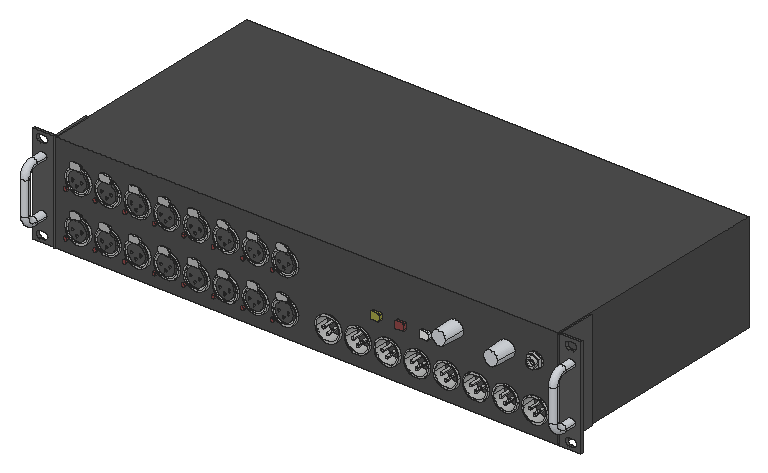
Revit family "DL16", category Communication Devices, Revit 2020
Family settings
  Maintain Annotation Orientation = No
  Round Connector Dimension = Use Diameter
  Part Type = Normal
  Work Plane-Based = Yes
  Always vertical = No
  Cut with Voids When Loaded = Yes
  Shared = No
  Room Calculation Point = No
Parameters
  Model = "DL16"
  Manufacturer = "Midas"
  Default Elevation = 0 mm
Reference planes
  plane 1 "Center (Front/Back)": y = 0
  plane 2: z = 0
  plane 3 "Center (Left/Right)": x = 0
  plane 4 "Handle": x = -232.995
  plane 5 "Front Connectors": y = -2
  plane 6 "Rear Connectors": y = 208
Forms (mm)
  Extrusion 1, solid, material "Aluminium, Black"
    sketch origin (0, 0, 0) x (1, 0, 0) y (0, 1, 0)
      loop
        arc (-223.2, -2) -> (-221.644, -1.356) -> (-221, 0.2) r 2.2
        line (-221, 0.2) -> (-221, 33) -> (-223, 33) -> (-223, 0) -> (-241.25, 0) -> (-241.25, -2) -> (-223.2, -2)
    from 0 to 88.1
  Extrusion 2, void
    sketch origin (0, 0, 0) x (1, 0, 0) y (0, 0, 1)
      loop
        arc (-231.5, 2.415) -> (-227.99, 5.925) -> (-231.5, 9.435) r 3.51
        line (-231.5, 9.435) -> (-234.49, 9.435)
        arc (-234.49, 9.435) -> (-238, 5.925) -> (-234.49, 2.415) r 3.51
        line (-234.49, 2.415) -> (-231.5, 2.415)
    from 0 to 2
  Extrusion 3, void
    sketch origin (0, 0, 76.23) x (1, 0, 0) y (0, 0, 1)
      loop
        arc (-231.5, 2.415) -> (-227.99, 5.925) -> (-231.5, 9.435) r 3.51
        line (-231.5, 9.435) -> (-234.49, 9.435)
        arc (-234.49, 9.435) -> (-238, 5.925) -> (-234.49, 2.415) r 3.51
        line (-234.49, 2.415) -> (-231.5, 2.415)
    from 0 to 2
  Sweep 4, solid
    path origin (-232.995, 0, 0) x (0, -1, 0) y (0, 0, 1)
      loop
        line (2, 21.8) -> (12.41, 21.8)
        arc (12.41, 21.8) -> (18.774, 24.436) -> (21.41, 30.8) r 9
        line (21.41, 30.8) -> (21.41, 59.55)
        arc (21.41, 59.55) -> (18.774, 65.914) -> (12.41, 68.55) r 9
        line (12.41, 68.55) -> (2, 68.55)
    profile origin (-232.995, -7.205, 21.8) x (0, 0, 1) y (-1, 0, 0)
      loop
        circle (0, 0) r 3.25
  Extrusion 5, solid, material "Steel, Paint Finish, Black"
    sketch origin (-0.572, 0, 0) x (1, 0, 0) y (0, 0, 1)
      loop
        line (-220.428, 88.1) -> (-220.428, 0) -> (221.572, 0) -> (221.572, 88.1) -> (-220.428, 88.1)
    from 2 to -208
  Extrusion 6, solid, material "LED, Yellow, Off"
    sketch origin (-146.365, -2, -40.587) x (-1, 0, 0) y (0, 0, 1)
      loop
        line (-205.725, 90.473) -> (-210.832, 90.473)
        arc (-210.832, 90.473) -> (-211.822, 90.063) -> (-212.232, 89.073) r 1.4
        line (-212.232, 89.073) -> (-212.232, 85.529)
        arc (-212.232, 85.529) -> (-211.827, 84.552) -> (-210.85, 84.147) r 1.382
        line (-210.85, 84.147) -> (-205.725, 84.147)
        arc (-205.725, 84.147) -> (-204.735, 84.557) -> (-204.325, 85.547) r 1.4
        line (-204.325, 85.547) -> (-204.325, 89.073)
        arc (-204.325, 89.073) -> (-204.735, 90.063) -> (-205.725, 90.473) r 1.4
    from 0 to -2.5
  Extrusion 7, void
    sketch origin (2.22, -2, -45.078) x (-1, 0, 0) y (0, 0, 1)
      loop
        circle (203.2, 105.431) r 11.2
    from 0 to 16
  Extrusion 8, void
    sketch origin (2.22, -2, -84.131) x (-1, 0, 0) y (0, 0, 1)
      loop
        circle (203.2, 105.431) r 11.2
    from 0 to 16
  Extrusion 9, void
    sketch origin (28.255, -2, -45.078) x (-1, 0, 0) y (0, 0, 1)
      loop
        circle (203.2, 105.431) r 11.2
    from 0 to 16
  Extrusion 10, void
    sketch origin (54.29, -2, -45.078) x (-1, 0, 0) y (0, 0, 1)
      loop
        circle (203.2, 105.431) r 11.2
    from 0 to 16
  Extrusion 11, void
    sketch origin (80.325, -2, -45.078) x (-1, 0, 0) y (0, 0, 1)
      loop
        circle (203.2, 105.431) r 11.2
    from 0 to 16
  Extrusion 12, void
    sketch origin (106.36, -2, -45.078) x (-1, 0, 0) y (0, 0, 1)
      loop
        circle (203.2, 105.431) r 11.2
    from 0 to 16
  Extrusion 13, void
    sketch origin (132.395, -2, -45.078) x (-1, 0, 0) y (0, 0, 1)
      loop
        circle (203.2, 105.431) r 11.2
    from 0 to 16
  Extrusion 14, void
    sketch origin (158.43, -2, -45.078) x (-1, 0, 0) y (0, 0, 1)
      loop
        circle (203.2, 105.431) r 11.2
    from 0 to 16
  Extrusion 15, void
    sketch origin (184.465, -2, -45.078) x (-1, 0, 0) y (0, 0, 1)
      loop
        circle (203.2, 105.431) r 11.2
    from 0 to 16
  Extrusion 16, void
    sketch origin (28.255, -2, -84.131) x (-1, 0, 0) y (0, 0, 1)
      loop
        circle (203.2, 105.431) r 11.2
    from 0 to 16
  Extrusion 17, void
    sketch origin (54.29, -2, -84.131) x (-1, 0, 0) y (0, 0, 1)
      loop
        circle (203.2, 105.431) r 11.2
    from 0 to 16
  Extrusion 18, void
    sketch origin (80.325, -2, -84.131) x (-1, 0, 0) y (0, 0, 1)
      loop
        circle (203.2, 105.431) r 11.2
    from 0 to 16
  Extrusion 19, void
    sketch origin (106.36, -2, -84.131) x (-1, 0, 0) y (0, 0, 1)
      loop
        circle (203.2, 105.431) r 11.2
    from 0 to 16
  Extrusion 20, void
    sketch origin (132.395, -2, -84.131) x (-1, 0, 0) y (0, 0, 1)
      loop
        circle (203.2, 105.431) r 11.2
    from 0 to 16
  Extrusion 21, void
    sketch origin (158.43, -2, -84.131) x (-1, 0, 0) y (0, 0, 1)
      loop
        circle (203.2, 105.431) r 11.2
    from 0 to 16
  Extrusion 22, void
    sketch origin (184.465, -2, -84.131) x (-1, 0, 0) y (0, 0, 1)
      loop
        circle (203.2, 105.431) r 11.2
    from 0 to 16
  Extrusion 23, void
    sketch origin (222.57, -2, -84.131) x (-1, 0, 0) y (0, 0, 1)
      loop
        circle (203.2, 105.431) r 11.2
    from 0 to 16
  Extrusion 24, void
    sketch origin (248.605, -2, -84.131) x (-1, 0, 0) y (0, 0, 1)
      loop
        circle (203.2, 105.431) r 11.2
    from 0 to 16
  Extrusion 25, void
    sketch origin (274.64, -2, -84.131) x (-1, 0, 0) y (0, 0, 1)
      loop
        circle (203.2, 105.431) r 11.2
    from 0 to 16
  Extrusion 26, void
    sketch origin (300.675, -2, -84.131) x (-1, 0, 0) y (0, 0, 1)
      loop
        circle (203.2, 105.431) r 11.2
    from 0 to 16
  Extrusion 27, void
    sketch origin (326.71, -2, -84.131) x (-1, 0, 0) y (0, 0, 1)
      loop
        circle (203.2, 105.431) r 11.2
    from 0 to 16
  Extrusion 28, void
    sketch origin (352.745, -2, -84.131) x (-1, 0, 0) y (0, 0, 1)
      loop
        circle (203.2, 105.431) r 11.2
    from 0 to 16
  Extrusion 29, void
    sketch origin (378.78, -2, -84.131) x (-1, 0, 0) y (0, 0, 1)
      loop
        circle (203.2, 105.431) r 11.2
    from 0 to 16
  Extrusion 30, void
    sketch origin (404.815, -2, -84.131) x (-1, 0, 0) y (0, 0, 1)
      loop
        circle (203.2, 105.431) r 11.2
    from 0 to 16
  Extrusion 31, void
    sketch origin (0, 208, 26.58) x (1, 0, 0) y (0, 0, 1)
      loop
        line (200.78, 50.05) -> (177.78, 50.05)
        arc (177.78, 50.05) -> (176.012, 49.318) -> (175.28, 47.55) r 2.5
        line (175.28, 47.55) -> (175.28, 32.01)
        arc (175.28, 32.01) -> (176.012, 30.242) -> (177.78, 29.51) r 2.5
        line (177.78, 29.51) -> (200.807, 29.51)
        arc (200.807, 29.51) -> (202.556, 30.234) -> (203.28, 31.983) r 2.473
        line (203.28, 31.983) -> (203.28, 47.55)
        arc (203.28, 47.55) -> (202.548, 49.318) -> (200.78, 50.05) r 2.5
    from 0 to 20
  Extrusion 32, void
    sketch origin (136.203, 208, -4.1) x (1, 0, 0) y (0, 0, 1)
      loop
        circle (38.1, 25.4) r 11.2
    from 0 to 16
  Extrusion 33, void
    sketch origin (108.263, 208, -4.1) x (1, 0, 0) y (0, 0, 1)
      loop
        circle (38.1, 25.4) r 11.2
    from 0 to 16
  Extrusion 34, void
    sketch origin (74.608, 208, -4.1) x (1, 0, 0) y (0, 0, 1)
      loop
        circle (38.1, 25.4) r 11.2
    from 0 to 16
  Extrusion 35, solid, material "Aluminium, Black"
    sketch origin (0, 0, 0) x (-1, 0, 0) y (0, -1, 0)
      loop
        line (-223.2, 2) -> (-241.25, 2) -> (-241.25, 0) -> (-223, 0) -> (-223, -33) -> (-221, -33) -> (-221, -0.2)
        arc (-221, -0.2) -> (-221.644, 1.356) -> (-223.2, 2) r 2.2
    from 0 to 88.1
  Extrusion 36, void
    sketch origin (0, 0, 0) x (-1, 0, 0) y (0, 0, -1)
      loop
        line (-231.5, -2.415) -> (-234.49, -2.415)
        arc (-234.49, -2.415) -> (-238, -5.925) -> (-234.49, -9.435) r 3.51
        line (-234.49, -9.435) -> (-231.5, -9.435)
        arc (-231.5, -9.435) -> (-227.99, -5.925) -> (-231.5, -2.415) r 3.51
    from 0 to 2
  Extrusion 37, void
    sketch origin (0, 0, 76.23) x (-1, 0, 0) y (0, 0, -1)
      loop
        line (-231.5, -2.415) -> (-234.49, -2.415)
        arc (-234.49, -2.415) -> (-238, -5.925) -> (-234.49, -9.435) r 3.51
        line (-234.49, -9.435) -> (-231.5, -9.435)
        arc (-231.5, -9.435) -> (-227.99, -5.925) -> (-231.5, -2.415) r 3.51
    from 0 to 2
  Sweep 38, solid
    path origin (232.995, 0, 0) x (0, -1, 0) y (0, 0, -1)
      loop
        line (2, -21.8) -> (12.41, -21.8)
        arc (12.41, -21.8) -> (18.774, -24.436) -> (21.41, -30.8) r 9
        line (21.41, -30.8) -> (21.41, -59.55)
        arc (21.41, -59.55) -> (18.774, -65.914) -> (12.41, -68.55) r 9
        line (12.41, -68.55) -> (2, -68.55)
    profile origin (232.995, -7.205, 21.8) x (0, 0, -1) y (1, 0, 0)
      loop
        circle (0, 0) r 3.25
  Extrusion 39, solid, material "LED, Red, Off"
    sketch origin (-124.775, -2, -40.587) x (-1, 0, 0) y (0, 0, 1)
      loop
        line (-205.725, 90.473) -> (-210.832, 90.473)
        arc (-210.832, 90.473) -> (-211.822, 90.063) -> (-212.232, 89.073) r 1.4
        line (-212.232, 89.073) -> (-212.232, 85.529)
        arc (-212.232, 85.529) -> (-211.827, 84.552) -> (-210.85, 84.147) r 1.382
        line (-210.85, 84.147) -> (-205.725, 84.147)
        arc (-205.725, 84.147) -> (-204.735, 84.557) -> (-204.325, 85.547) r 1.4
        line (-204.325, 85.547) -> (-204.325, 89.073)
        arc (-204.325, 89.073) -> (-204.735, 90.063) -> (-205.725, 90.473) r 1.4
    from 0 to -2.5
  Extrusion 40, solid, material "LED, White, Off"
    sketch origin (-103.185, -2, -40.587) x (-1, 0, 0) y (0, 0, 1)
      loop
        line (-205.725, 90.473) -> (-210.832, 90.473)
        arc (-210.832, 90.473) -> (-211.822, 90.063) -> (-212.232, 89.073) r 1.4
        line (-212.232, 89.073) -> (-212.232, 85.529)
        arc (-212.232, 85.529) -> (-211.827, 84.552) -> (-210.85, 84.147) r 1.382
        line (-210.85, 84.147) -> (-205.725, 84.147)
        arc (-205.725, 84.147) -> (-204.735, 84.557) -> (-204.325, 85.547) r 1.4
        line (-204.325, 85.547) -> (-204.325, 89.073)
        arc (-204.325, 89.073) -> (-204.735, 90.063) -> (-205.725, 90.473) r 1.4
    from 0 to -2.5
  Blend 41, solid
    base sketch origin (0, -2, 0) x (-1, 0, 0) y (0, 0, 1)
      loop
        circle (-130.495, 60.353) r 6.99
    top sketch origin (0, -2, 0) x (-1, 0, 0) y (0, 0, 1)
      loop
        circle (-130.495, 60.353) r 6.008
    from 0 to -17.7
  Blend 42, solid
    base sketch origin (45.72, -2, 0) x (-1, 0, 0) y (0, 0, 1)
      loop
        circle (-130.495, 60.353) r 6.99
    top sketch origin (45.72, -2, 0) x (-1, 0, 0) y (0, 0, 1)
      loop
        circle (-130.495, 60.353) r 6.008
    from 0 to -17.7
Cuts and joins
  Extrusion 2, Extrusion 3, Extrusion 36, Extrusion 37 cuts Extrusion 1
  Extrusion 7, Extrusion 8, Extrusion 9, Extrusion 10, Extrusion 11, Extrusion 12, Extrusion 13, Extrusion 14, Extrusion 15, Extrusion 16, Extrusion 17, Extrusion 18, Extrusion 19, Extrusion 20, Extrusion 21, Extrusion 22, Extrusion 23, Extrusion 24, Extrusion 25, Extrusion 26, Extrusion 27, Extrusion 28, Extrusion 29, Extrusion 30, Extrusion 31, Extrusion 32, Extrusion 33, Extrusion 34 cuts Extrusion 5
  Extrusion 36, Extrusion 37 cuts Extrusion 35
Lines and regions (mm)
  Split face 1
    outline origin (-221.572, -2, 88.1) x (-1, 0, 0) y (0, 0, -1)
      loop
        line (-279.587, 9.955) -> (-279.587, 29.037) -> (-330.587, 29.037) -> (-330.587, 9.955) -> (-279.587, 9.955)
  Split face 2
    outline origin (-221.572, -2, 88.1) x (-1, 0, 0) y (0, 0, -1)
      loop
        arc (-373.077, 11.447) -> (-372.229, 11.799) -> (-371.877, 12.647) r 1.2
        line (-371.877, 12.647) -> (-371.877, 42.847)
        arc (-371.877, 42.847) -> (-372.229, 43.696) -> (-373.077, 44.047) r 1.2
        line (-373.077, 44.047) -> (-376.777, 44.047)
        arc (-376.777, 44.047) -> (-377.626, 43.696) -> (-377.977, 42.847) r 1.2
        line (-377.977, 42.847) -> (-377.977, 12.647)
        arc (-377.977, 12.647) -> (-377.626, 11.799) -> (-376.777, 11.447) r 1.2
        line (-376.777, 11.447) -> (-373.077, 11.447)
  Split face 3
    outline origin (-221.572, -2, 88.1) x (-1, 0, 0) y (0, 0, -1)
      loop
        line (-373.42, 14.23) -> (-373.42, 15.23) -> (-376.434, 15.23) -> (-376.434, 14.23) -> (-373.42, 14.23)
  Split face 4
    outline origin (-221.572, -2, 88.1) x (-1, 0, 0) y (0, 0, -1)
      loop
        line (-373.42, 20.325) -> (-376.434, 20.325) -> (-376.434, 19.325) -> (-373.42, 19.325) -> (-373.42, 20.325)
  Split face 5
    outline origin (-221.572, -2, 88.1) x (-1, 0, 0) y (0, 0, -1)
      loop
        line (-373.42, 23.485) -> (-376.434, 23.485) -> (-376.434, 22.485) -> (-373.42, 22.485) -> (-373.42, 23.485)
  Split face 6
    outline origin (-221.572, -2, 88.1) x (-1, 0, 0) y (0, 0, -1)
      loop
        line (-373.42, 25.66) -> (-373.42, 26.66) -> (-376.434, 26.66) -> (-376.434, 25.66) -> (-373.42, 25.66)
  Split face 7
    outline origin (-221.572, -2, 88.1) x (-1, 0, 0) y (0, 0, -1)
      loop
        line (-373.42, 29.835) -> (-376.434, 29.835) -> (-376.434, 28.835) -> (-373.42, 28.835) -> (-373.42, 29.835)
  Split face 8
    outline origin (-221.572, -2, 88.1) x (-1, 0, 0) y (0, 0, -1)
      loop
        line (-373.42, 32.01) -> (-373.42, 33.01) -> (-376.434, 33.01) -> (-376.434, 32.01) -> (-373.42, 32.01)
  Split face 9
    outline origin (-221.572, -2, 88.1) x (-1, 0, 0) y (0, 0, -1)
      loop
        line (-373.42, 35.187) -> (-373.42, 36.187) -> (-376.434, 36.187) -> (-376.434, 35.187) -> (-373.42, 35.187)
  Split face 10
    outline origin (-221.572, -2, 88.1) x (-1, 0, 0) y (0, 0, -1)
      loop
        line (-373.42, 40.258) -> (-373.42, 41.265) -> (-376.434, 41.265) -> (-376.434, 40.258) -> (-373.42, 40.258)
  Split face 11
    outline origin (-221.572, 208, 88.1) x (1, 0, 0) y (0, 0, -1)
      loop
        line (388.03, 25.637) -> (388.03, 42.137) -> (377.53, 42.137) -> (377.53, 25.637) -> (388.03, 25.637)
  Split face 12
    outline origin (-221.572, 208, 88.1) x (1, 0, 0) y (0, 0, -1)
      loop
        line (375.18, 23.187) -> (390.528, 23.187) -> (390.528, 44.457) -> (375.18, 44.457) -> (375.18, 23.187)
  Split face 13
    outline origin (-221.572, 208, 88.1) x (1, 0, 0) y (0, 0, -1)
      loop
        line (306.16, 77.55) -> (296.36, 77.55) -> (296.36, 68.95) -> (306.16, 68.95) -> (306.16, 77.55)
  Split face 14
    outline origin (-221.572, 208, 88.1) x (1, 0, 0) y (0, 0, -1)
      loop
        line (288.409, 77.55) -> (278.566, 77.55) -> (278.566, 68.95) -> (288.409, 68.95) -> (288.409, 77.55)
  Split face 15
    outline origin (-221.572, 208, 88.1) x (1, 0, 0) y (0, 0, -1)
      loop
        arc (260.7, 63.408) -> (259.35, 74.95) -> (258, 63.408) r 5.85
        line (258, 63.408) -> (258, 65.1) -> (260.7, 65.1) -> (260.7, 63.408)
  Split face 16
    outline origin (-221.572, 208, 88.1) x (1, 0, 0) y (0, 0, -1)
      loop
        arc (235.3, 63.408) -> (233.95, 74.95) -> (232.6, 63.408) r 5.85
        line (232.6, 63.408) -> (232.6, 65.1) -> (235.3, 65.1) -> (235.3, 63.408)
  Split face 17
    outline origin (-221.572, 208, 88.1) x (1, 0, 0) y (0, 0, -1)
      loop
        circle (259.35, 69.1) r 6.8
  Split face 18
    outline origin (-221.572, 208, 88.1) x (1, 0, 0) y (0, 0, -1)
      loop
        circle (233.95, 69.1) r 6.8
  model lines
    curve 1: line (59.394, -2, 50.853) -> (64.431, -2, 50.853)
    curve 2: line (56.994, -2, 44.998) -> (56.994, -2, 48.453)
    curve 3: line (64.436, -2, 42.598) -> (59.394, -2, 42.598)
    curve 4: line (66.836, -2, 48.448) -> (66.836, -2, 44.998)
    curve 5: arc (64.431, -2, 50.853) -> (66.132, -2, 50.148) -> (66.836, -2, 48.448) r 2.405
    curve 6: arc (66.836, -2, 44.998) -> (66.133, -2, 43.301) -> (64.436, -2, 42.598) r 2.4
    curve 7: arc (59.394, -2, 42.598) -> (57.697, -2, 43.301) -> (56.994, -2, 44.998) r 2.4
    curve 8: arc (56.994, -2, 48.453) -> (57.697, -2, 50.15) -> (59.394, -2, 50.853) r 2.4
    curve 9: line (80.984, -2, 50.853) -> (86.021, -2, 50.853)
    curve 10: line (78.584, -2, 44.998) -> (78.584, -2, 48.453)
    curve 11: line (86.026, -2, 42.598) -> (80.984, -2, 42.598)
    curve 12: line (88.426, -2, 48.448) -> (88.426, -2, 44.998)
    curve 13: arc (86.021, -2, 50.853) -> (87.722, -2, 50.148) -> (88.426, -2, 48.448) r 2.405
    curve 14: arc (88.426, -2, 44.998) -> (87.723, -2, 43.301) -> (86.026, -2, 42.598) r 2.4
    curve 15: arc (80.984, -2, 42.598) -> (79.287, -2, 43.301) -> (78.584, -2, 44.998) r 2.4
    curve 16: arc (78.584, -2, 48.453) -> (79.287, -2, 50.15) -> (80.984, -2, 50.853) r 2.4
    curve 17: line (102.574, -2, 50.853) -> (107.611, -2, 50.853)
    curve 18: line (100.174, -2, 44.998) -> (100.174, -2, 48.453)
    curve 19: line (107.616, -2, 42.598) -> (102.574, -2, 42.598)
    curve 20: line (110.016, -2, 48.448) -> (110.016, -2, 44.998)
    curve 21: arc (107.611, -2, 50.853) -> (109.312, -2, 50.148) -> (110.016, -2, 48.448) r 2.405
    curve 22: arc (110.016, -2, 44.998) -> (109.313, -2, 43.301) -> (107.616, -2, 42.598) r 2.4
    curve 23: arc (102.574, -2, 42.598) -> (100.877, -2, 43.301) -> (100.174, -2, 44.998) r 2.4
    curve 24: arc (100.174, -2, 48.453) -> (100.877, -2, 50.15) -> (102.574, -2, 50.853) r 2.4
Dimensions and locks
  aligned and locked: level to plane 2
Nested families
  nested 1: "XLR-F with LED" at (-200.98, -2, 60.332) x (1, 0, 0) z (0, -1, 0), type "XLR-F with LED"
  nested 2: "XLR-F with LED" at (-174.945, -2, 60.332) x (1, 0, 0) z (0, -1, 0), type "XLR-F with LED"
  nested 3: "XLR-F with LED" at (-148.91, -2, 60.332) x (1, 0, 0) z (0, -1, 0), type "XLR-F with LED"
  nested 4: "XLR-F with LED" at (-122.875, -2, 60.332) x (1, 0, 0) z (0, -1, 0), type "XLR-F with LED"
  nested 5: "XLR-F with LED" at (-96.84, -2, 60.332) x (1, 0, 0) z (0, -1, 0), type "XLR-F with LED"
  nested 6: "XLR-F with LED" at (-70.805, -2, 60.332) x (1, 0, 0) z (0, -1, 0), type "XLR-F with LED"
  nested 7: "XLR-F with LED" at (-44.77, -2, 60.332) x (1, 0, 0) z (0, -1, 0), type "XLR-F with LED"
  nested 8: "XLR-F with LED" at (-18.735, -2, 60.332) x (1, 0, 0) z (0, -1, 0), type "XLR-F with LED"
  nested 9: "XLR-M" at (19.37, -2, 21.279) x (1, 0, 0) z (0, -1, 0), type "XLR-M"
  nested 10: "XLR-M" at (45.405, -2, 21.279) x (1, 0, 0) z (0, -1, 0), type "XLR-M"
  nested 11: "XLR-M" at (71.44, -2, 21.279) x (1, 0, 0) z (0, -1, 0), type "XLR-M"
  nested 12: "XLR-M" at (97.475, -2, 21.279) x (1, 0, 0) z (0, -1, 0), type "XLR-M"
  nested 13: "XLR-M" at (123.51, -2, 21.279) x (1, 0, 0) z (0, -1, 0), type "XLR-M"
  nested 14: "XLR-M" at (149.545, -2, 21.279) x (1, 0, 0) z (0, -1, 0), type "XLR-M"
  nested 15: "XLR-M" at (175.58, -2, 21.279) x (1, 0, 0) z (0, -1, 0), type "XLR-M"
  nested 16: "XLR-M" at (201.615, -2, 21.279) x (1, 0, 0) z (0, -1, 0), type "XLR-M"
  nested 17: "NE8FD Ethercon" at (174.303, 208, 21.279) x (-1, 0, 0) z (0, 1, 0), type "NE8FD Ethercon"
  nested 18: "NE8FD Ethercon" at (146.363, 208, 21.279) x (-1, 0, 0) z (0, 1, 0), type "NE8FD Ethercon"
  nested 19: "NE8FD Ethercon" at (112.708, 208, 21.279) x (-1, 0, 0) z (0, 1, 0), type "NE8FD Ethercon"
  nested 20: "USB-B chassis mount" at (201.28, 208, 14.125) x (1, 0, 0) z (0, 1, 0), type "USB-B chassis mount"
  nested 21: "XLR-F with LED" at (-200.98, -2, 21.279) x (1, 0, 0) z (0, -1, 0), type "XLR-F with LED"
  nested 22: "XLR-F with LED" at (-174.945, -2, 21.279) x (1, 0, 0) z (0, -1, 0), type "XLR-F with LED"
  nested 23: "XLR-F with LED" at (-148.91, -2, 21.279) x (1, 0, 0) z (0, -1, 0), type "XLR-F with LED"
  nested 24: "XLR-F with LED" at (-122.875, -2, 21.279) x (1, 0, 0) z (0, -1, 0), type "XLR-F with LED"
  nested 25: "XLR-F with LED" at (-96.84, -2, 21.279) x (1, 0, 0) z (0, -1, 0), type "XLR-F with LED"
  nested 26: "XLR-F with LED" at (-70.805, -2, 21.279) x (1, 0, 0) z (0, -1, 0), type "XLR-F with LED"
  nested 27: "XLR-F with LED" at (-44.77, -2, 21.279) x (1, 0, 0) z (0, -1, 0), type "XLR-F with LED"
  nested 28: "XLR-F with LED" at (-18.735, -2, 21.279) x (1, 0, 0) z (0, -1, 0), type "XLR-F with LED"
  nested 29: "TRS chassis mount" at (201.615, -2, 60.353) x (1, 0, 0) z (0, -1, 0), type "TRS chassis mount"
  nested 30: "IEC" at (189.248, 208, 66.746) x (-1, 0, 0) z (0, 1, 0), type "IEC"
Definition of nested family "XLR-F with LED"
  Parameters
    Default Elevation = 1219.2 mm
  Reference planes
    plane 1 "Center (Front/Back)": y = 0
    plane 2: z = 0
    plane 3 "Center (Left/Right)": x = 0
  Forms (mm)
    Extrusion 1, solid
      sketch origin (-12.612, 0, 0) x (1, 0, 0) y (0, 1, 0)
        loop
          circle (12.613, 0.021) r 11.058
      from -16 to 1.5
    Extrusion 2, void
      sketch origin (-12.612, 0, 0) x (1, 0, 0) y (0, 1, 0)
        loop
          circle (12.612, 0.021) r 9.9
      from -12 to 1.5
    Extrusion 3, solid
      sketch origin (-12.612, 0, 0) x (1, 0, 0) y (0, 1, 0)
        loop
          line (9.613, 9.921) -> (15.612, 9.921)
          arc (15.612, 9.921) -> (17.027, 10.507) -> (17.612, 11.921) r 2
          line (17.612, 11.921) -> (17.612, 13.337)
          arc (17.612, 13.337) -> (17.271, 14.455) -> (16.362, 15.191) r 2
          arc (16.362, 15.191) -> (12.612, 15.921) -> (8.862, 15.191) r 10
          arc (8.862, 15.191) -> (7.954, 14.455) -> (7.612, 13.337) r 2
          line (7.612, 13.337) -> (7.612, 11.921)
          arc (7.612, 11.921) -> (8.198, 10.507) -> (9.613, 9.921) r 2
      from 3.3 to 4.2
    Extrusion 4, solid
      sketch origin (-12.612, 0, 0) x (1, 0, 0) y (0, 1, 0)
        loop
          line (11.106, 9.921) -> (14.119, 9.921) -> (14.119, 10.975)
          arc (14.119, 10.975) -> (12.613, 11.079) -> (11.106, 10.975) r 11.058
          line (11.106, 10.975) -> (11.106, 9.921)
      from 3.3 to 1.5
    Extrusion 5, solid
      sketch origin (-12.612, 0, 0) x (1, 0, 0) y (0, 1, 0)
        loop
          circle (1.5, -10.139) r 1.5
      from 0 to 1
    Extrusion 6, void
      sketch origin (-12.612, 0, 0) x (1, 0, 0) y (0, 1, 0)
        loop
          circle (8.562, 0.021) r 1.325
      from -12 to 1.5
    Extrusion 7, void
      sketch origin (-12.612, 0, 0) x (1, 0, 0) y (0, 1, 0)
        loop
          circle (16.663, 0.021) r 1.325
      from -12 to 1.5
    Extrusion 8, void
      sketch origin (-12.612, 0, 0) x (1, 0, 0) y (0, 1, 0)
        loop
          circle (12.612, -3.939) r 1.325
      from -12 to 1.5
    Extrusion 9, solid
      sketch origin (-12.612, 0, 0) x (1, 0, 0) y (0, 1, 0)
        loop
          circle (12.612, 0) r 8
      from -12 to 1.5
    Extrusion 10, void
      sketch origin (-12.612, 0, 0) x (1, 0, 0) y (0, 1, 0)
        loop
          circle (12.613, 0) r 11.1
      from 0 to -16
  Cuts and joins
    Extrusion 2, Extrusion 6, Extrusion 7, Extrusion 8 cuts Extrusion 1
    Extrusion 2 cuts Extrusion 4
    Extrusion 6, Extrusion 7, Extrusion 8 cuts Extrusion 9
  Dimensions and locks
    aligned and locked: level to plane 2
Definition of nested family "XLR-M"
  Parameters
    Default Elevation = 1219.2 mm
  Reference planes
    plane 1 "Center (Front/Back)": y = 0
    plane 2: z = 0
    plane 3 "Center (Left/Right)": x = 0
  Forms (mm)
    Extrusion 1, solid
      sketch origin (-12.612, 0, 0) x (1, 0, 0) y (0, 1, 0)
        loop
          circle (12.613, 0.021) r 11.058
      from -16 to 1.5
    Extrusion 2, void
      sketch origin (-12.612, 0, 0) x (1, 0, 0) y (0, 1, 0)
        loop
          circle (12.612, 0.021) r 9.9
      from -10 to 1.5
    Extrusion 3, solid
      sketch origin (0, 0, 0) x (1, 0, 0) y (0, 1, 0)
        loop
          circle (-4.05, 0.021) r 1.1
      from -10 to 1
    Extrusion 4, solid
      sketch origin (8.1, 0, 0) x (1, 0, 0) y (0, 1, 0)
        loop
          circle (-4.05, 0.021) r 1.1
      from -10 to 1
    Extrusion 5, solid
      sketch origin (4.05, -3.96, 0) x (1, 0, 0) y (0, 1, 0)
        loop
          circle (-4.05, 0.021) r 1.1
      from -10 to 1
    Extrusion 6, void
      sketch origin (-32.913, 0, 0) x (1, 0, 0) y (0, 1, 0)
        loop
          circle (32.913, 0) r 11.2
      from 0 to -16
  Cuts and joins
    Extrusion 2 cuts Extrusion 1
  Lines and regions (mm)
    Split face 1
      outline origin (9.9, 0.021, -10) x (-1, 0, 0) y (0, -1, 0)
        loop
          circle (9.9, 0.021) r 8
  Dimensions and locks
    aligned and locked: level to plane 2
Definition of nested family "NE8FD Ethercon"
  Parameters
    Default Elevation = 1219.2 mm
  Reference planes
    plane 1 "Center (Front/Back)": y = 0
    plane 2: z = 0
    plane 3 "Center (Left/Right)": x = 0
  Forms (mm)
    Extrusion 1, solid
      sketch origin (-12.612, 0, 0) x (1, 0, 0) y (0, 1, 0)
        loop
          circle (12.613, 0.021) r 11.058
      from -16 to 1.5
    Extrusion 2, void
      sketch origin (-12.612, 0, 0) x (1, 0, 0) y (0, 1, 0)
        loop
          circle (12.612, 0.021) r 9.9
      from -12 to 1.5
    Extrusion 3, solid
      sketch origin (-12.612, 0, 0) x (1, 0, 0) y (0, 1, 0)
        loop
          line (9.613, 9.921) -> (15.612, 9.921)
          arc (15.612, 9.921) -> (17.027, 10.507) -> (17.612, 11.921) r 2
          line (17.612, 11.921) -> (17.612, 13.337)
          arc (17.612, 13.337) -> (17.271, 14.455) -> (16.362, 15.191) r 2
          arc (16.362, 15.191) -> (12.612, 15.921) -> (8.862, 15.191) r 10
          arc (8.862, 15.191) -> (7.954, 14.455) -> (7.612, 13.337) r 2
          line (7.612, 13.337) -> (7.612, 11.921)
          arc (7.612, 11.921) -> (8.198, 10.507) -> (9.613, 9.921) r 2
      from 3.3 to 4.2
    Extrusion 4, solid
      sketch origin (-12.612, 0, 0) x (1, 0, 0) y (0, 1, 0)
        loop
          line (11.106, 9.921) -> (14.119, 9.921) -> (14.119, 10.975)
          arc (14.119, 10.975) -> (12.613, 11.079) -> (11.106, 10.975) r 11.058
          line (11.106, 10.975) -> (11.106, 9.921)
      from 3.3 to 1.5
    Extrusion 5, void
      sketch origin (-12.612, 0, 0) x (1, 0, 0) y (0, 1, 0)
        loop
          line (6.713, 3.65) -> (6.713, -3.15) -> (9.313, -3.15) -> (9.313, -5.15) -> (10.763, -5.15) -> (10.763, -6.45) -> (14.463, -6.45) -> (14.463, -5.15) -> (15.913, -5.15) -> (15.913, -3.15) -> (18.513, -3.15) -> (18.513, 3.65) -> (6.713, 3.65)
      from -10 to 1.5
    Extrusion 6, solid
      sketch origin (-12.612, 0, 0) x (1, 0, 0) y (0, 1, 0)
        loop
          circle (12.612, 0) r 8
      from -12 to 1.5
    Extrusion 7, void
      sketch origin (-12.612, 0, 0) x (1, 0, 0) y (0, 1, 0)
        loop
          circle (12.613, 0) r 11.1
      from 0 to -16
  Cuts and joins
    Extrusion 2, Extrusion 5 cuts Extrusion 1
    Extrusion 2 cuts Extrusion 4
    Extrusion 5 cuts Extrusion 6
  Dimensions and locks
    aligned and locked: level to plane 2
Definition of nested family "USB-B chassis mount"
  Parameters
    Default Elevation = 1219.2 mm
  Reference planes
    plane 1 "Center (Front/Back)": y = 0
    plane 2: z = 0
    plane 3 "Center (Left/Right)": x = 0
  Forms (mm)
    Extrusion 1, void
      sketch origin (-12.612, 0, 0) x (1, 0, 0) y (0, 1, 0)
        loop
          line (9.363, 3.85) -> (8.363, 2.85) -> (8.363, -2.85)
          arc (8.363, -2.85) -> (8.655, -3.557) -> (9.363, -3.85) r 1
          line (9.363, -3.85) -> (15.862, -3.85)
          arc (15.862, -3.85) -> (16.57, -3.557) -> (16.862, -2.85) r 1
          line (16.862, -2.85) -> (16.862, 2.85) -> (15.862, 3.85) -> (9.363, 3.85)
      from -5 to 1.5
    Extrusion 2, solid
      sketch origin (0, 0, 0) x (1, 0, 0) y (0, 1, 0)
        loop
          line (-6.15, 5.499) -> (-6.15, -5.501) -> (6.15, -5.501) -> (6.15, 5.499) -> (-6.15, 5.499)
      from -15 to 1.5
    Extrusion 3, void
      sketch origin (0, 0, 0) x (1, 0, 0) y (0, 1, 0)
        loop
          line (-6.15, 5.499) -> (-6.15, -5.501) -> (6.15, -5.501) -> (6.15, 5.499) -> (-6.15, 5.499)
      from -15 to 0
    Extrusion 4, solid
      sketch origin (0, 0, 0) x (1, 0, 0) y (0, 1, 0)
        loop
          line (-3.05, -1.85) -> (3.05, -1.85) -> (3.05, 1.85) -> (-3.05, 1.85) -> (-3.05, -1.85)
      from -5 to 1
  Cuts and joins
    Extrusion 1 cuts Extrusion 2
  Dimensions and locks
    aligned and locked: level to plane 2
Definition of nested family "TRS chassis mount"
  Parameters
    Default Elevation = 1219.2 mm
  Reference planes
    plane 1 "Center (Front/Back)": y = 0
    plane 2: z = 0
    plane 3 "Center (Left/Right)": x = 0
  Forms (mm)
    Extrusion 1, solid
      sketch origin (0, 0, 0) x (1, 0, 0) y (0, 1, 0)
        loop
          circle (0, 0) r 6.5
      from 0 to 0.8
    Extrusion 2, solid
      sketch origin (0, 0, 0) x (1, 0, 0) y (0, 1, 0)
        loop
          line (0, 6.351) -> (-5.5, 3.175) -> (-5.5, -3.175) -> (0, -6.351) -> (5.5, -3.175) -> (5.5, 3.175) -> (0, 6.351)
      from 3 to 0.8
    Extrusion 3, solid
      sketch origin (0, 0, 0) x (1, 0, 0) y (0, 1, 0)
        loop
          circle (0, 0) r 4.1
      from 3 to 6
    Extrusion 4, void
      sketch origin (0, 0, 0) x (1, 0, 0) y (0, 1, 0)
        loop
          circle (0, 0) r 3.215
      from -25 to 6
    Extrusion 5, void
      sketch origin (0, 0, 0) x (1, 0, 0) y (0, 1, 0)
        loop
          circle (0, 0) r 4.763
      from -30 to 0
    Extrusion 6, solid
      sketch origin (0, 0, 0) x (1, 0, 0) y (0, 1, 0)
        loop
          circle (0, 0) r 4.763
      from -30 to 0
  Cuts and joins
    Extrusion 4, Extrusion 5 cuts Extrusion 1
    Extrusion 4 cuts Extrusion 2
    Extrusion 4 cuts Extrusion 3
  Dimensions and locks
    aligned and locked: level to plane 2
Definition of nested family "IEC"
  Parameters (values of type "IEC")
    Default Elevation = 1219.2 mm
  Reference planes
    plane 1 "Center (Front/Back)": y = 0
    plane 2: z = 0
    plane 3 "Center (Left/Right)": x = 0
  Forms (mm)
    Extrusion 1, void
      sketch origin (0, 0, 0) x (1, 0, 0) y (0, 1, 0)
        loop
          arc (12, 6.432) -> (11.268, 8.2) -> (9.5, 8.932) r 2.5
          line (9.5, 8.932) -> (-9.5, 8.932)
          arc (-9.5, 8.932) -> (-11.268, 8.2) -> (-12, 6.432) r 2.5
          line (-12, 6.432) -> (-12, -3) -> (-7, -8) -> (7, -8) -> (12, -3) -> (12, 6.432)
      from 2 to -15
    Extrusion 2, solid
      sketch origin (0, 0.834, 0) x (1, 0, 0) y (0, 1, 0)
        loop
          arc (-12.127, 11.082) -> (-14.248, 10.203) -> (-15.127, 8.082) r 3
          line (-15.127, 8.082) -> (-15.127, -8.8)
          arc (-15.127, -8.8) -> (-14.248, -10.921) -> (-12.127, -11.8) r 3
          line (-12.127, -11.8) -> (12.188, -11.8)
          arc (12.188, -11.8) -> (14.309, -10.921) -> (15.188, -8.8) r 3
          line (15.188, -8.8) -> (15.188, 8.082)
          arc (15.188, 8.082) -> (14.309, 10.203) -> (12.188, 11.082) r 3
          line (12.188, 11.082) -> (-12.127, 11.082)
      from 2 to 0
    Extrusion 3, solid
      sketch origin (0, 0, 0) x (1, 0, 0) y (0, 1, 0)
        loop
          line (-8, 3.6) -> (-8, -0.4) -> (-6, -0.4) -> (-6, 3.6) -> (-8, 3.6)
      from 1 to -15
    Extrusion 4, solid
      sketch origin (7, -4, 0) x (1, 0, 0) y (0, 1, 0)
        loop
          line (-8, 3.6) -> (-8, -0.4) -> (-6, -0.4) -> (-6, 3.6) -> (-8, 3.6)
      from 1 to -15
    Extrusion 5, solid
      sketch origin (14, 0, 0) x (1, 0, 0) y (0, 1, 0)
        loop
          line (-8, 3.6) -> (-8, -0.4) -> (-6, -0.4) -> (-6, 3.6) -> (-8, 3.6)
      from 1 to -15
    Extrusion 6, void
      sketch origin (0, 0, 0) x (1, 0, 0) y (0, 1, 0)
        loop
          arc (-11.5, 10.742) -> (-13.268, 10.01) -> (-14, 8.242) r 2.5
          line (-14, 8.242) -> (-14, -7.466)
          arc (-14, -7.466) -> (-13.268, -9.234) -> (-11.5, -9.966) r 2.5
          line (-11.5, -9.966) -> (11.5, -9.966)
          arc (11.5, -9.966) -> (13.268, -9.234) -> (14, -7.466) r 2.5
          line (14, -7.466) -> (14, 8.242)
          arc (14, 8.242) -> (13.268, 10.01) -> (11.5, 10.742) r 2.5
          line (11.5, 10.742) -> (-11.5, 10.742)
      from 0 to -20
    Extrusion 7, solid
      sketch origin (0, 0.834, 0) x (1, 0, 0) y (0, 1, 0)
        loop
          arc (-11.5, 9.908) -> (-13.268, 9.176) -> (-14, 7.408) r 2.5
          line (-14, 7.408) -> (-14, -8.3)
          arc (-14, -8.3) -> (-13.268, -10.068) -> (-11.5, -10.8) r 2.5
          line (-11.5, -10.8) -> (11.5, -10.8)
          arc (11.5, -10.8) -> (13.268, -10.068) -> (14, -8.3) r 2.5
          line (14, -8.3) -> (14, 7.408)
          arc (14, 7.408) -> (13.268, 9.176) -> (11.5, 9.908) r 2.5
          line (11.5, 9.908) -> (-11.5, 9.908)
      from 0 to -20
  Cuts and joins
    Extrusion 1, Extrusion 6 cuts Extrusion 2
    Extrusion 1 cuts Extrusion 7
  Dimensions and locks
    aligned and locked: level to plane 2
